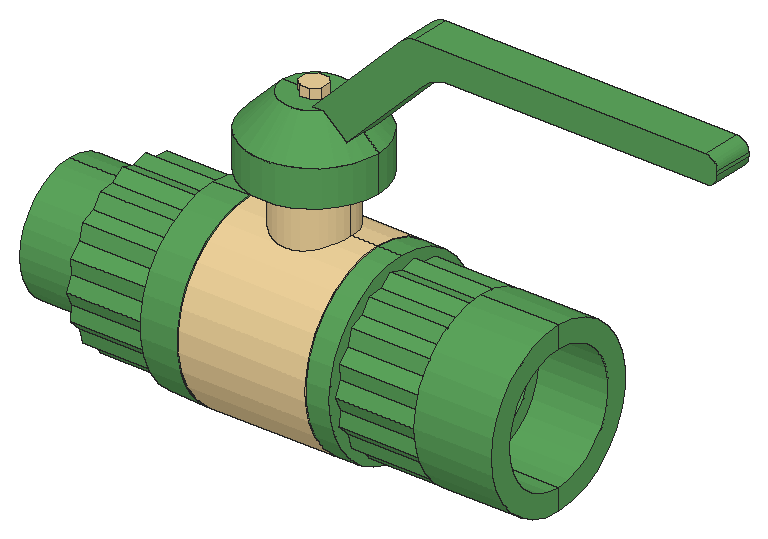
Revit family "Aquatherm_Шаровой кран для распределительной трубы", category Соединительные детали трубопроводов, Revit 2019
Family settings
  Размер круглого соединителя = Использовать диаметр
  Тип детали = Соединение
  На основе рабочей плоскости = Нет
  Всегда вертикально = Да
  При загрузке вырезать с полостями = Нет
  Общий = Нет
Parameters (values of type "SDR 11")
  Материал_Корпус_2 = AquaTherm латунь pipe
  Материал_Корпус = AquaTherm green pipe
  K Coefficient = 0
  z1 [instance] = size_lookup("Шаровой кран для распределительной трубы", "z1", 18 mm, d)  # 46.5 mm
  z [instance] = size_lookup("Шаровой кран для распределительной трубы", "z", 18 mm, d)  # 45 mm
  l1 [instance] = size_lookup("Шаровой кран для распределительной трубы", "l1", 18 mm, d)  # 108 mm
  l [instance] = size_lookup("Шаровой кран для распределительной трубы", "l", 18 mm, d)  # 63 mm
  h [instance] = size_lookup("Шаровой кран для распределительной трубы", "h", 18 mm, d)  # 78 mm
  d [instance] = 32 mm
  URL = "www.agpipe.ru"
  SDR = 11 mm
  D [instance] = size_lookup("Шаровой кран для распределительной трубы", "D", 18 mm, d)  # 47.5 mm
  ADSK_Примечание = ""
  ADSK_Позиция [instance] = ""
  ADSK_Обозначение = ""
  ADSK_Наименование [instance] = size_lookup("Шаровой кран для распределительной трубы", "ADSK_Наименование", "Нет в каталоге", d)  # "Шаровой кран для распределительной трубы DN32"
  ADSK_Масса_Текст [instance] = size_lookup("Шаровой кран для распределительной трубы", "ADSK_Масса_Текст", "Нет в каталоге", d)  # "0.575"
  ADSK_Код изделия [instance] = size_lookup("Шаровой кран для распределительной трубы", "ADSK_Код изделия", "Нет в каталоге", d)  # "30115"
  ADSK_Завод-изготовитель [instance] = "Aquatherm"  # constant formula
  ADSK_Единица измерения = "шт."  # constant formula
Types (5, lengths in mm): name | SDR
  (no name) | 11
  SDR 6 | 6
  SDR 7.4 | 7.4
  SDR 9 | 9
  SDR 11 | 11
Reference planes
  plane 1 "По центру (Вперед/Назад)": y = 0
  plane 2: z = 0
  plane 3 "По центру (Влево/Вправо)": x = 0
  plane 4: z = 78
  plane 5: x = 63
  plane 6: x = -63
  plane 7: x = 45
  plane 8: x = -46.5
  plane 9: x = 108
Forms (mm)
  Extrusion 1, solid, material "AquaTherm латунь pipe" <- "Материал_Корпус_2"
    sketch origin (0, 0, 0) x (1, 0, 0) y (0, 1, 0)
      loop
        line (-1.293, 3.121) -> (-3.121, 1.293) -> (-3.121, -1.293) -> (-1.293, -3.121) -> (1.293, -3.121) -> (3.121, -1.293) -> (3.121, 1.293) -> (1.293, 3.121) -> (-1.293, 3.121)
    from 53.399 to 55.857
  Revolve 2, solid, material "AquaTherm green pipe" <- "Материал_Корпус"
    sketch origin (0, 0, 0) x (1, 0, 0) y (0, 0, 1)
      loop
        line (63, 21.5) -> (43, 21.5) -> (43, 22.5)
        arc (43, 22.5) -> (-1.75, 23.753) -> (-46.5, 22.5) r 799.538
        line (-46.5, 22.5) -> (-46.5, 16) -> (-63, 16) -> (-63, 10) -> (-31.5, 10) -> (-31.5, 13) -> (45, 13) -> (45, 16) -> (63, 16) -> (63, 21.5)
      axis (-63, 0) -> (63, 0)
    angle from 0 to 360
  Extrusion 3, solid, material "AquaTherm green pipe" <- "Материал_Корпус"
    sketch origin (0, 0, 0) x (1, 0, 0) y (0, 0, 1)
      loop
        line (104.977, 78) -> (30.088, 78)
        arc (30.088, 78) -> (28.161, 77.614) -> (26.532, 76.515) r 5
        line (26.532, 76.515) -> (3.681, 53.399) -> (10.109, 45.738) -> (32.145, 68.03)
        arc (32.145, 68.03) -> (35.403, 70.228) -> (39.257, 71) r 10
        line (39.257, 71) -> (105, 71)
        arc (105, 71) -> (107.121, 71.879) -> (108, 74) r 3
        line (108, 74) -> (108, 74.977)
        arc (108, 74.977) -> (107.115, 77.115) -> (104.977, 78) r 3.023
    from -5 to 5
  Revolve 4, solid, material "AquaTherm green pipe" <- "Материал_Корпус"
    sketch origin (0, 0, 0) x (1, 0, 0) y (0, 0, 1)
      loop
        line (8, 53.399) -> (0, 53.399) -> (0, 35.507) -> (16.563, 35.507) -> (16.563, 44.836) -> (8, 53.399)
      axis (0, 35.507) -> (0, 53.399)
    angle from 0 to 360
  Extrusion 5, void
    sketch origin (0, 0, 0) x (0, 1, 0) y (0, 0, 1)
      loop
        line (3.733, 21.173) -> (0, 20.173) -> (-3.733, 21.173) -> (-6.9, 18.956) -> (-10.75, 18.62) -> (-12.967, 15.453) -> (-16.47, 13.82) -> (-17.47, 10.086) -> (-20.203, 7.353) -> (-19.867, 3.503) -> (-21.5, 0) -> (-19.867, -3.503) -> (-20.203, -7.353) -> (-17.47, -10.086) -> (-16.47, -13.82) -> (-12.967, -15.453) -> (-10.75, -18.62) -> (-6.9, -18.956) -> (-3.733, -21.173) -> (0, -20.173) -> (3.733, -21.173) -> (6.9, -18.956) -> (10.75, -18.62) -> (12.967, -15.453) -> (16.47, -13.82) -> (17.47, -10.086) -> (20.203, -7.353) -> (19.867, -3.503) -> (21.5, 0) -> (19.867, 3.503) -> (20.203, 7.353) -> (17.47, 10.086) -> (16.47, 13.82) -> (12.967, 15.453) -> (10.75, 18.62) -> (6.9, 18.956) -> (3.733, 21.173)
      loop
        circle (0, 0) r 35.912
    from 22.608 to 43
  Extrusion 6, void
    sketch origin (-3.5, 0, 0) x (0, 1, 0) y (0, 0, -1)
      loop
        line (3.733, -21.173) -> (6.9, -18.956) -> (10.75, -18.62) -> (12.967, -15.453) -> (16.47, -13.82) -> (17.47, -10.086) -> (20.203, -7.353) -> (19.867, -3.503) -> (21.5, 0) -> (19.867, 3.503) -> (20.203, 7.353) -> (17.47, 10.086) -> (16.47, 13.82) -> (12.967, 15.453) -> (10.75, 18.62) -> (6.9, 18.956) -> (3.733, 21.173) -> (0, 20.173) -> (-3.733, 21.173) -> (-6.9, 18.956) -> (-10.75, 18.62) -> (-12.967, 15.453) -> (-16.47, 13.82) -> (-17.47, 10.086) -> (-20.203, 7.353) -> (-19.867, 3.503) -> (-21.5, 0) -> (-19.867, -3.503) -> (-20.203, -7.353) -> (-17.47, -10.086) -> (-16.47, -13.82) -> (-12.967, -15.453) -> (-10.75, -18.62) -> (-6.9, -18.956) -> (-3.733, -21.173) -> (0, -20.173) -> (3.733, -21.173)
      loop
        circle (0, 0) r 35.912
    from 22.608 to 43
  Revolve 7, solid, material "AquaTherm латунь pipe" <- "Материал_Корпус_2"
    sketch origin (0, 0, 0) x (1, 0, 0) y (0, 0, 1)
      loop
        line (16.5, 13) -> (16.5, 23.545)
        arc (16.5, 23.545) -> (0, 23.751) -> (-16.5, 23.617) r 799.538
        line (-16.5, 23.617) -> (-16.5, 13) -> (16.5, 13)
      axis (-16.5, 0) -> (16.5, 0)
    angle from 0 to 360
  Revolve 8, void
    sketch origin (0, 0, 0) x (1, 0, 0) y (0, 0, 1)
      loop
        line (16.5, 13) -> (16.5, 23.545)
        arc (16.5, 23.545) -> (0, 23.751) -> (-16.5, 23.617) r 799.538
        line (-16.5, 23.617) -> (-16.5, 13) -> (16.5, 13)
      axis (-16.5, 0) -> (16.5, 0)
    angle from 0 to 360
  Revolve 9, solid, material "AquaTherm латунь pipe" <- "Материал_Корпус_2"
    sketch origin (0, 0, 0) x (1, 0, 0) y (0, 0, 1)
      loop
        line (9.563, 35.507) -> (0, 35.507) -> (0, 16.962) -> (9.563, 16.962) -> (9.563, 35.507)
      axis (0, 16.962) -> (0, 35.507)
    angle from 0 to 360
Cuts and joins
  Extrusion 5, Extrusion 6, Revolve 8 cuts Revolve 2
  Extrusion 6 cuts Extrusion 3
  Extrusion 6 cuts Revolve 4
  joined: Revolve 2, Extrusion 3, Revolve 4
Lines and regions (mm)
  reference lines
    curve 1: line (-46.5, 0, 0) -> (45, 0, 0)
Dimensions and locks
  "l": plane 3 "По центру (Влево/Вправо)" to plane 5
  "l": plane 6 to plane 3 "По центру (Влево/Вправо)"
  "z": plane 3 "По центру (Влево/Вправо)" to plane 7
  "z1": plane 8 to plane 3 "По центру (Влево/Вправо)"
  "h": plane 4 to level
  "l1": plane 9 to plane 3 "По центру (Влево/Вправо)"
  aligned and locked: level to plane 2
Automatic sketch dimensions
  Revolve 2 sketch curve to level = 0 mm
  Revolve 2 sketch curve to plane 6 = 0 mm  (x2)
  plane 8 to Revolve 2 sketch curve = 0 mm
  Revolve 2 sketch curve to plane 7 = 0 mm
  Revolve 2 sketch curve to plane 5 = 0 mm
  Revolve 2 sketch curve to plane 8 = 15 mm
  Revolve 2 sketch curve to plane 3 "По центру (Влево/Вправо)" = 1.75 mm
  Revolve 2 sketch curve to plane 7 = 2 mm
  Revolve 2 sketch curve to level = 775.785 mm
  level to Revolve 2 sketch curve = 10 mm
  level to Revolve 2 sketch curve = 13 mm
  Revolve 2 sketch curve to Revolve 2 sketch curve = 3 mm
  level to Revolve 2 sketch curve = 16 mm
  Revolve 2 sketch curve to Revolve 2 sketch curve = 5.5 mm
  Revolve 2 sketch curve to Revolve 2 sketch curve = 1 mm
  plane 3 "По центру (Влево/Вправо)" to Revolve 2 sketch curve = 7 mm
  Extrusion 3 sketch curve to plane 4 = 0 mm
  Extrusion 3 sketch curve to plane 9 = 0 mm
  Extrusion 3 sketch curve to plane 9 = 3 mm
  Extrusion 3 sketch curve to Extrusion 3 sketch curve = 0.023 mm
  Extrusion 3 sketch curve to plane 7 = 5.743 mm
  Extrusion 3 sketch curve to Extrusion 3 sketch curve = 7.112 mm
  Extrusion 3 sketch curve to Extrusion 3 sketch curve = 2.057 mm
  Extrusion 3 sketch curve to plane 4 = 1.485 mm
  Extrusion 3 sketch curve to Extrusion 3 sketch curve = 3.556 mm
  plane 3 "По центру (Влево/Вправо)" to Extrusion 3 sketch curve = 10.109 mm
  plane 3 "По центру (Влево/Вправо)" to Extrusion 3 sketch curve = 3.681 mm
  Extrusion 3 sketch curve to Extrusion 3 sketch curve = 3.977 mm
  Extrusion 3 sketch curve to Extrusion 3 sketch curve = 4.97 mm
  Extrusion 3 sketch curve to plane 4 = 24.601 mm
  Extrusion 3 sketch curve to Extrusion 3 sketch curve = 7.66 mm
  Extrusion 5 sketch curve to level = 0 mm  (x3)
  Extrusion 5 sketch curve to plane 1 "По центру (Вперед/Назад)" = 0 mm  (x3)
  plane 1 "По центру (Вперед/Назад)" to Extrusion 5 sketch curve = 3.733 mm  (x2)
  Extrusion 5 sketch curve to Extrusion 5 sketch curve = 3.166 mm  (x8)
  Extrusion 5 sketch curve to Extrusion 5 sketch curve = 3.85 mm  (x4)
  Extrusion 5 sketch curve to Extrusion 5 sketch curve = 2.217 mm  (x6)
  Extrusion 5 sketch curve to Extrusion 5 sketch curve = 3.503 mm  (x4)
  Extrusion 5 sketch curve to Extrusion 5 sketch curve = 1 mm  (x6)
  Extrusion 5 sketch curve to level = 3.503 mm  (x2)
  Extrusion 5 sketch curve to Extrusion 5 sketch curve = 2.396 mm  (x3)
  level to Extrusion 5 sketch curve = 3.503 mm  (x2)
  Extrusion 5 sketch curve to Extrusion 5 sketch curve = 0 mm
  Extrusion 5 sketch curve to level = 7.353 mm  (x2)
  Extrusion 5 sketch curve to Extrusion 5 sketch curve = 0.337 mm  (x6)
  level to Extrusion 5 sketch curve = 7.353 mm  (x2)
  Extrusion 5 sketch curve to Extrusion 5 sketch curve = 2.733 mm  (x6)
  Extrusion 5 sketch curve to Extrusion 5 sketch curve = 1.633 mm  (x6)
  Extrusion 5 sketch curve to plane 1 "По центру (Вперед/Назад)" = 3.733 mm  (x2)
  Extrusion 5 sketch curve to Extrusion 5 sketch curve = 3.733 mm  (x4)
  Extrusion 5 sketch curve to Extrusion 5 sketch curve = 1.217 mm  (x2)
  Extrusion 6 sketch curve to level = 0 mm  (x3)
  Extrusion 6 sketch curve to plane 1 "По центру (Вперед/Назад)" = 0 mm  (x3)
  plane 1 "По центру (Вперед/Назад)" to Extrusion 6 sketch curve = 3.733 mm  (x2)
  Extrusion 6 sketch curve to Extrusion 6 sketch curve = 3.166 mm  (x8)
  Extrusion 6 sketch curve to Extrusion 6 sketch curve = 3.85 mm  (x4)
  Extrusion 6 sketch curve to Extrusion 6 sketch curve = 2.217 mm  (x7)
  Extrusion 6 sketch curve to Extrusion 6 sketch curve = 3.503 mm  (x4)
  Extrusion 6 sketch curve to Extrusion 6 sketch curve = 1 mm  (x5)
  Extrusion 6 sketch curve to level = 3.503 mm  (x2)
  Extrusion 6 sketch curve to Extrusion 6 sketch curve = 2.396 mm  (x4)
  level to Extrusion 6 sketch curve = 3.503 mm  (x2)
  Extrusion 6 sketch curve to level = 7.353 mm  (x2)
  Extrusion 6 sketch curve to Extrusion 6 sketch curve = 0.337 mm  (x5)
  level to Extrusion 6 sketch curve = 7.353 mm  (x2)
  Extrusion 6 sketch curve to Extrusion 6 sketch curve = 2.733 mm  (x7)
  Extrusion 6 sketch curve to Extrusion 6 sketch curve = 1.633 mm  (x6)
  Extrusion 6 sketch curve to plane 1 "По центру (Вперед/Назад)" = 3.733 mm  (x2)
  Extrusion 6 sketch curve to Extrusion 6 sketch curve = 3.733 mm  (x4)
  Extrusion 6 sketch curve to Extrusion 6 sketch curve = 1.217 mm  (x2)
  plane 1 "По центру (Вперед/Назад)" to curve 1 = 0 mm
  curve 1 to plane 8 = 0 mm
  curve 1 to plane 7 = 0 mm
  Revolve 7 sketch curve to level = 0 mm
  Revolve 7 sketch curve to plane 3 "По центру (Влево/Вправо)" = 16.5 mm
  Revolve 7 sketch curve to plane 3 "По центру (Влево/Вправо)" = 1.75 mm
  plane 3 "По центру (Влево/Вправо)" to Revolve 7 sketch curve = 16.5 mm
  Revolve 7 sketch curve to level = 775.785 mm
  level to Revolve 7 sketch curve = 13 mm
  Revolve 7 sketch curve to Revolve 7 sketch curve = 10.545 mm
  Revolve 7 sketch curve to Revolve 7 sketch curve = 1.726 mm
  plane 3 "По центру (Влево/Вправо)" to Revolve 7 sketch curve = 10.226 mm
  Revolve 8 sketch curve to level = 0 mm
  Revolve 8 sketch curve to plane 3 "По центру (Влево/Вправо)" = 16.5 mm
  Revolve 8 sketch curve to plane 3 "По центру (Влево/Вправо)" = 1.75 mm
  plane 3 "По центру (Влево/Вправо)" to Revolve 8 sketch curve = 16.5 mm
  Revolve 8 sketch curve to level = 775.785 mm
  level to Revolve 8 sketch curve = 13 mm
  Revolve 8 sketch curve to Revolve 8 sketch curve = 10.545 mm
  Revolve 8 sketch curve to plane 3 "По центру (Влево/Вправо)" = 8.065 mm
  plane 3 "По центру (Влево/Вправо)" to Revolve 8 sketch curve = 5.719 mm
  Revolve 4 sketch curve to plane 3 "По центру (Влево/Вправо)" = 0 mm  (x2)
  plane 3 "По центру (Влево/Вправо)" to Revolve 4 sketch curve = 8 mm
  Revolve 4 sketch curve to Revolve 4 sketch curve = 8.563 mm
  level to Revolve 4 sketch curve = 35.507 mm
  Revolve 4 sketch curve to Revolve 4 sketch curve = 9.329 mm
  Revolve 4 sketch curve to Revolve 4 sketch curve = 17.892 mm
  Revolve 4 sketch curve to Revolve 4 sketch curve = 10.779 mm
  Revolve 4 sketch curve to Revolve 4 sketch curve = 8.671 mm
  Revolve 9 sketch curve to plane 3 "По центру (Влево/Вправо)" = 0 mm  (x2)
  plane 3 "По центру (Влево/Вправо)" to Revolve 9 sketch curve = 9.563 mm
  level to Revolve 9 sketch curve = 16.962 mm
  Revolve 9 sketch curve to Revolve 9 sketch curve = 18.545 mm
  Revolve 9 sketch curve to Revolve 9 sketch curve = 7.014 mm
  Revolve 9 sketch curve to Revolve 9 sketch curve = 3.469 mm
  radius of Extrusion 5 sketch curve = 35.912 mm
  radius of Extrusion 6 sketch curve = 35.912 mm
Connectors
  piping at (-46.5, 0, 0), diameter 32, driven by "d"
    settings: on curve 1, index 1, connector inside diameter 609.6 mm, connector length 0 mm, flow factor 0, pipe flow 0.0 L/s, pressure drop 0.0 Pa, fitting loss kfactor 0, connector angle 0.00°, fixture units 0, engagement length 0 mm, angle of deflection 0.00°, flow configuration 0, flow direction 0, fitting loss method 0, system type 28, joint type 0, gender type 0, connector reference index 2, connector utility 0, adjustable connector no, is connector primary yes, connector description ""
  piping at (45, 0, 0), diameter 32, driven by "d"
    settings: on curve 1, index 2, connector inside diameter 609.6 mm, connector length 0 mm, flow factor 0, pipe flow 0.0 L/s, pressure drop 0.0 Pa, fitting loss kfactor 0, connector angle 0.00°, fixture units 0, engagement length 0 mm, angle of deflection 0.00°, flow configuration 0, flow direction 0, fitting loss method 0, system type 28, joint type 0, gender type 0, connector reference index 1, connector utility 0, adjustable connector no, is connector primary no, connector description ""
